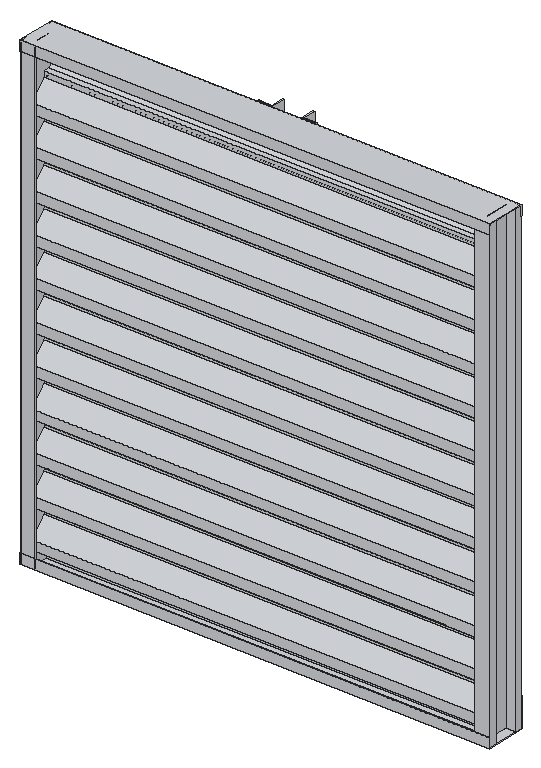
Revit family "SAFL-4", category Mechanical Equipment, Revit 2015
Parameters
  URL = "https://unitedenertech.com/catalog/pdf/A_27%20SAFL-4.pdf"
  Type Comments = "Max. Single Section Size is (48\"w x 72\"h)"
  Model = "SAFL-4"
  Manufacturer = "United Enertech Corporation"
  Exact Width = 4' - 0"
  Exact Height = 4' - 0"
  Description = "4\" Adjustable Steel Louver"
  Depth = 0' - 4.0956"
  Blade Spacing [instance] = 0' - 4"
  Blade Number [instance] = (Exact Height - 0' 4 1/2") / Blade Spacing  # 11
  BW [instance] = Exact Width - 0' 2 3/32" - 0' 0 1/8"  # 3' - 9 25/32"
Reference planes (in)
  plane 1 "Center (Front/Back)": y = 0
  plane 2: z = 0
  plane 3 "Center (Left/Right)": x = 0
  plane 4: z = 24
  plane 5: z = 48
  plane 6: x = -24
  plane 7: x = 24
  plane 8: y = -4.0956
  plane 9: z = 0.0478
  plane 10: z = 47.9522
  plane 11: y = -0.0478
  plane 12: y = -4.0478
  plane 13: y = -4
  plane 14: z = 47.4522
  plane 15: x = -3
  plane 16: x = 3
  plane 17: z = 46.13561
  plane 18: z = 3
  plane 19: z = 46.90464
  plane 20: x = 23
  plane 21: x = -23
Forms (in)
  Extrusion 1, solid
    sketch origin (34.90286, -55.01531, -11.50264) x (0, 1, 0) y (0, 0, 1)
      loop
        line (50.96751, 12.50264) -> (50.91971, 12.50264) -> (50.91971, 11.50264) -> (55.01531, 11.50264) -> (55.01531, 14.50264) -> (54.96751, 14.50264) -> (54.96751, 11.55044) -> (50.96751, 11.55044) -> (50.96751, 12.50264)
    from -58.90286 to -10.90286
  Extrusion 2, solid
    sketch origin (3, -48.37133, 17.64653) x (0, 1, 0) y (0, 0, 1)
      loop
        line (44.27573, 29.35347) -> (44.32353, 29.35347) -> (44.32353, 30.30567) -> (48.32353, 30.30567) -> (48.32353, 29.35347) -> (48.37133, 29.35347) -> (48.37133, 30.35347) -> (44.27573, 30.35347) -> (44.27573, 29.35347)
    from -27 to 21
  Extrusion 3, solid
    sketch origin (-56.98911, -20.29061, 0) x (1, 0, 0) y (0, 1, 0)
      loop
        line (34.48911, 20.19501) -> (34.48911, 20.24281) -> (32.98911, 20.24281) -> (32.98911, 19.49281) -> (33.98911, 19.49281) -> (33.98911, 16.99281) -> (32.98911, 16.99281) -> (32.98911, 16.24281) -> (34.48911, 16.24281) -> (34.48911, 16.29061) -> (33.03691, 16.29061) -> (33.03691, 16.94501) -> (34.03691, 16.94501) -> (34.03691, 19.54061) -> (33.03691, 19.54061) -> (33.03691, 20.19501) -> (34.48911, 20.19501)
    from 0.0478 to 47.9522
  Extrusion 4, solid
    sketch origin (56.98911, -20.29061, 0) x (-1, 0, 0) y (0, -1, 0)
      loop
        line (34.48911, -20.19501) -> (33.03691, -20.19501) -> (33.03691, -19.54061) -> (34.03691, -19.54061) -> (34.03691, -16.94501) -> (33.03691, -16.94501) -> (33.03691, -16.29061) -> (34.48911, -16.29061) -> (34.48911, -16.24281) -> (32.98911, -16.24281) -> (32.98911, -16.99281) -> (33.98911, -16.99281) -> (33.98911, -19.49281) -> (32.98911, -19.49281) -> (32.98911, -20.24281) -> (34.48911, -20.24281) -> (34.48911, -20.19501)
    from 0.0478 to 47.9522
  Extrusion 5, solid
    sketch origin (0, 0, 0) x (1, 0, 0) y (0, 1, 0)
      loop
        line (-3, 0) -> (-1.5, 0) -> (-1.5, 1.5) -> (-1.625, 1.5) -> (-1.625, 0.125) -> (-3, 0.125) -> (-3, 0)
    from 0 to 48
  Extrusion 6, solid
    sketch origin (0, 0, 0) x (-1, 0, 0) y (0, -1, 0)
      loop
        line (-3, 0) -> (-3, -0.125) -> (-1.625, -0.125) -> (-1.625, -1.5) -> (-1.5, -1.5) -> (-1.5, 0) -> (-3, 0)
    from 0 to 48
  Extrusion 7, solid
    sketch origin (0, 0, 0) x (1, 0, 0) y (0, 1, 0)
      loop
        circle (0, 0.6381) r 0.17048
    from 3 to 46.90464
  Extrusion 8, solid
    sketch origin (0, 0, 0) x (0, 1, 0) y (0, 0, 1)
      loop
        line (-2.0478, 0.0478) -> (-0.5478, 0.0478) -> (-0.5478, 0.1728) -> (-1.9228, 0.1728) -> (-1.9228, 1.5478) -> (-2.0478, 1.5478) -> (-2.0478, 0.0478)
    from -23 to 23
Dimensions and locks (in)
  equal spacing: plane 5, plane 4, level
  "Exact Height": plane 5 to level
  equal spacing: plane 6, plane 3 "Center (Left/Right)", plane 7
  "Exact Width": plane 6 to plane 7
  "Depth": plane 1 "Center (Front/Back)" to plane 8
  locked: plane 9 to level at 0.0478
  locked: plane 5 to plane 10 at 0.0478
  locked: plane 12 to plane 8 at 0.0478
  locked: plane 1 "Center (Front/Back)" to plane 11 at 0.0478
  locked: plane 13 to plane 8 at 0.0956
  locked: plane 5 to plane 14 at 0.5478
  equal spacing: group 1, group 2, group 3, group 4, group 5, group 6, group 7, group 8, group 17, group 18, group 19  (x2)
  equal spacing: group 19, group 18, group 17, group 8, group 7, group 6, group 5, group 4, group 3, group 2, group 1
  "Blade Spacing": nested 1 to nested 2
  equal spacing: plane 15, plane 3 "Center (Left/Right)", plane 16
  locked: plane 15 to plane 16 at 6
  locked: plane 5 to plane 17 at 1.86439
  equal spacing: group 9, group 10, group 11, group 12, group 13, group 14, group 15, group 16, group 20, group 21, group 22  (x2)
  equal spacing: group 22, group 21, group 20, group 16, group 15, group 14, group 13, group 12, group 11, group 10, group 9
  "Blade Spacing": nested 9 to nested 10
  locked: plane 5 to plane 19 at 1.09536
  locked: level to plane 18 at 3
  locked: plane 20 to plane 7 at 1
  locked: plane 6 to plane 21 at 1
  aligned and locked: level to plane 2
  aligned and locked: plane 6 to Extrusion 1
  aligned and locked: plane 7 to Extrusion 1
  aligned and locked: plane 5 to Extrusion 2
  aligned and locked: plane 6 to Extrusion 2
  aligned and locked: plane 7 to Extrusion 2
  aligned and locked: plane 6 to Extrusion 3
  aligned and locked: plane 7 to Extrusion 4
  aligned and locked: Extrusion 4 to plane 9
  aligned and locked: Extrusion 3 to plane 9
  aligned and locked: plane 10 to Extrusion 3
  aligned and locked: plane 10 to Extrusion 4
  aligned and locked: plane 3 "Center (Left/Right)" to nested 1
  aligned and locked: plane 14 to nested 1
  aligned and locked: nested 1 to plane 13
  aligned and locked: Extrusion 5 to level
  aligned and locked: Extrusion 6 to level
  aligned and locked: plane 5 to Extrusion 5
  aligned and locked: plane 5 to Extrusion 6
  aligned and locked: nested 9 to plane 17
  aligned and locked: Extrusion 7 to Extrusion 1
  aligned and locked: plane 19 to Extrusion 7
  aligned and locked: plane 21 to Extrusion 8
  aligned and locked: plane 20 to Extrusion 8
Automatic sketch dimensions
  Extrusion 1 sketch curve to plane 8 = 0' - 0"
  Extrusion 1 sketch curve to plane 12 = 0' - 0"
  plane 9 to Extrusion 1 sketch curve = 0' - 0"
  Extrusion 1 sketch curve to plane 11 = 0' - 0"
  Extrusion 1 sketch curve to level = 0' - 0"
  Extrusion 1 sketch curve to plane 1 "Center (Front/Back)" = 0' - 0"
  plane 9 to Extrusion 1 sketch curve = 0' - 0.9522"
  plane 9 to Extrusion 1 sketch curve = 0' - 2.9522"
  Extrusion 2 sketch curve to plane 5 = 0' - 0"
  Extrusion 2 sketch curve to plane 8 = 0' - 0"
  Extrusion 2 sketch curve to plane 10 = 0' - 0"
  Extrusion 2 sketch curve to plane 12 = 0' - 0"
  Extrusion 2 sketch curve to plane 11 = 0' - 0"
  Extrusion 2 sketch curve to plane 1 "Center (Front/Back)" = 0' - 0"
  Extrusion 2 sketch curve to plane 14 = 0' - 0.4522"  (x2)
  Extrusion 3 sketch curve to plane 6 = 0' - 0"  (x2)
  Extrusion 3 sketch curve to plane 13 = 0' - 0"
  Extrusion 3 sketch curve to plane 12 = 0' - 0"
  Extrusion 3 sketch curve to plane 11 = 0' - 0"
  Extrusion 3 sketch curve to plane 6 = 0' - 0.0478"  (x2)
  Extrusion 3 sketch curve to Extrusion 3 sketch curve = 0' - 0.9522"
  Extrusion 3 sketch curve to Extrusion 3 sketch curve = 0' - 0.0478"  (x3)
  Extrusion 3 sketch curve to Extrusion 3 sketch curve = 0' - 0.4522"  (x2)
  Extrusion 3 sketch curve to plane 11 = 0' - 0.0478"
  plane 13 to Extrusion 3 sketch curve = 0' - 0.6544"
  Extrusion 3 sketch curve to plane 11 = 0' - 0 3/4"
  Extrusion 4 sketch curve to plane 7 = 0' - 0"  (x2)
  Extrusion 4 sketch curve to plane 13 = 0' - 0"
  Extrusion 4 sketch curve to plane 12 = 0' - 0"
  Extrusion 4 sketch curve to plane 11 = 0' - 0"
  plane 7 to Extrusion 4 sketch curve = 0' - 0.0478"  (x2)
  Extrusion 4 sketch curve to Extrusion 4 sketch curve = 0' - 0.9522"
  Extrusion 4 sketch curve to Extrusion 4 sketch curve = 0' - 0.0478"  (x3)
  Extrusion 4 sketch curve to Extrusion 4 sketch curve = 0' - 0.4522"  (x2)
  plane 11 to Extrusion 4 sketch curve = 0' - 0.0478"
  Extrusion 4 sketch curve to Extrusion 4 sketch curve = 0' - 0.6544"
  plane 11 to Extrusion 4 sketch curve = 0' - 0 3/4"
  plane 1 "Center (Front/Back)" to Extrusion 5 sketch curve = 0' - 0"
  Extrusion 5 sketch curve to plane 15 = 0' - 0"
  plane 15 to Extrusion 5 sketch curve = 0' - 1 3/8"
  Extrusion 5 sketch curve to Extrusion 5 sketch curve = 0' - 0 1/8"  (x2)
  Extrusion 5 sketch curve to Extrusion 5 sketch curve = 0' - 1 3/8"
  plane 1 "Center (Front/Back)" to Extrusion 6 sketch curve = 0' - 0"
  Extrusion 6 sketch curve to plane 16 = 0' - 0"
  Extrusion 6 sketch curve to plane 16 = 0' - 1 3/8"
  Extrusion 6 sketch curve to Extrusion 6 sketch curve = 0' - 0 1/8"  (x2)
  Extrusion 6 sketch curve to Extrusion 6 sketch curve = 0' - 1 3/8"
  Extrusion 7 sketch curve to plane 3 "Center (Left/Right)" = 0' - 0"
  Extrusion 7 sketch curve to plane 1 "Center (Front/Back)" = 0' - 0.6381"
  Extrusion 8 sketch curve to plane 9 = 0' - 0"
  plane 13 to Extrusion 8 sketch curve = 0' - 1.9522"
  Extrusion 8 sketch curve to Extrusion 8 sketch curve = 0' - 0 1/8"
  plane 9 to Extrusion 8 sketch curve = 0' - 0 1/8"
  Extrusion 8 sketch curve to plane 11 = 0' - 0 1/2"
  Extrusion 8 sketch curve to Extrusion 8 sketch curve = 0' - 1 3/8"
  radius of Extrusion 7 sketch curve = 0' - 0.17048"
Nested families (in)
  nested 1: "SAFLBlade" at (0, 1.55178, 40.5341), type "SAFLBlade"
    with BW 3' - 9 25/32"
  nested 2: "SAFLBlade" at (0, 1.55178, 36.5341), type "SAFLBlade"
    with BW 3' - 9 25/32"
  nested 3: "SAFLBlade" at (0, 1.55178, 32.5341), type "SAFLBlade"
    with BW 3' - 9 25/32"
  nested 4: "SAFLBlade" at (0, 1.55178, 28.5341), type "SAFLBlade"
    with BW 3' - 9 25/32"
  nested 5: "SAFLBlade" at (0, 1.55178, 24.5341), type "SAFLBlade"
    with BW 3' - 9 25/32"
  nested 6: "SAFLBlade" at (0, 1.55178, 20.5341), type "SAFLBlade"
    with BW 3' - 9 25/32"
  nested 7: "SAFLBlade" at (0, 1.55178, 16.5341), type "SAFLBlade"
    with BW 3' - 9 25/32"
  nested 8: "SAFLBlade" at (0, 1.55178, 12.5341), type "SAFLBlade"
    with BW 3' - 9 25/32"
  nested 9: "AFLBRACK" at (2.67149, -1.35707, 45.15922) x (1, 0, 0) z (0, 0.7193, -0.6947), type "AFLBRACK"
  nested 10: "AFLBRACK" at (2.67149, -1.35707, 41.15922) x (1, 0, 0) z (0, 0.7193, -0.6947), type "AFLBRACK"
  nested 11: "AFLBRACK" at (2.67149, -1.35707, 37.15922) x (1, 0, 0) z (0, 0.7193, -0.6947), type "AFLBRACK"
  nested 12: "AFLBRACK" at (2.67149, -1.35707, 33.15922) x (1, 0, 0) z (0, 0.7193, -0.6947), type "AFLBRACK"
  nested 13: "AFLBRACK" at (2.67149, -1.35707, 29.15922) x (1, 0, 0) z (0, 0.7193, -0.6947), type "AFLBRACK"
  nested 14: "AFLBRACK" at (2.67149, -1.35707, 25.15922) x (1, 0, 0) z (0, 0.7193, -0.6947), type "AFLBRACK"
  nested 15: "AFLBRACK" at (2.67149, -1.35707, 21.15922) x (1, 0, 0) z (0, 0.7193, -0.6947), type "AFLBRACK"
  nested 16: "AFLBRACK" at (2.67149, -1.35707, 17.15922) x (1, 0, 0) z (0, 0.7193, -0.6947), type "AFLBRACK"
  nested 17: "SAFLBlade" at (0, 1.55178, 8.5341), type "SAFLBlade"
    with BW 3' - 9 25/32"
  nested 18: "SAFLBlade" at (0, 1.55178, 4.5341), type "SAFLBlade"
    with BW 3' - 9 25/32"
  nested 19: "SAFLBlade" at (0, 1.55178, 0.5341), type "SAFLBlade"
    with BW 3' - 9 25/32"
  nested 20: "AFLBRACK" at (2.67149, -1.35707, 13.15922) x (1, 0, 0) z (0, 0.7193, -0.6947), type "AFLBRACK"
  nested 21: "AFLBRACK" at (2.67149, -1.35707, 9.15922) x (1, 0, 0) z (0, 0.7193, -0.6947), type "AFLBRACK"
  nested 22: "AFLBRACK" at (2.67149, -1.35707, 5.15922) x (1, 0, 0) z (0, 0.7193, -0.6947), type "AFLBRACK"
Definition of nested family "SAFLBlade"
  Parameters (values of type "SAFLBlade")
    BW = 3' - 0"
  Reference planes (in)
    plane 1 "Center (Front/Back)": y = 0
    plane 2: z = 0
    plane 3 "Center (Left/Right)": x = 0
    plane 4: x = -18
    plane 5: x = 18
  Forms (in)
    Extrusion 1, solid
      sketch origin (0, -0.3863, 0) x (0, 1, 0) y (0, 0, 1)
        loop
          line (-1.64048, 6.9181) -> (-1.64048, 6.8703) -> (-1.31328, 6.8703) -> (-1.31328, 5.9379) -> (-2.93678, 4.3144) -> (-3.56178, 4.3144) -> (-3.56178, 3.6894) -> (-5.16548, 2.0857) -> (-5.16548, 1.0857) -> (-4.79048, 1.0857) -> (-4.79048, 1.1335) -> (-5.11768, 1.1335) -> (-5.11768, 2.0659) -> (-3.51398, 3.6696) -> (-3.51398, 4.2666) -> (-2.91698, 4.2666) -> (-1.26548, 5.9181) -> (-1.26548, 6.9181) -> (-1.64048, 6.9181)
      from -18 to 18
    Extrusion 2, solid
      sketch origin (0, -0.3863, 0) x (0, 1, 0) y (0, 0, 1)
        loop
          circle (-3.21548, 3.9681) r 0.25
      from -18 to 18
  Dimensions and locks (in)
    equal spacing: plane 5, plane 3 "Center (Left/Right)", plane 4
    "BW": plane 5 to plane 4
    aligned and locked: level to plane 2
    aligned and locked: plane 5 to Extrusion 1
    aligned and locked: Extrusion 1 to plane 4
    aligned and locked: Extrusion 2 to plane 4
    aligned and locked: plane 5 to Extrusion 2
  Automatic sketch dimensions
    level to Extrusion 1 sketch curve = 0' - 2.0857"
    plane 1 "Center (Front/Back)" to Extrusion 1 sketch curve = 0' - 5.55178"
    Extrusion 1 sketch curve to Extrusion 1 sketch curve = 0' - 0.0478"  (x6)
    Extrusion 1 sketch curve to Extrusion 1 sketch curve = 0' - 0.3272"  (x2)
    Extrusion 1 sketch curve to Extrusion 1 sketch curve = 0' - 1.5559"
    Extrusion 1 sketch curve to Extrusion 1 sketch curve = 0' - 0.5772"
    Extrusion 1 sketch curve to Extrusion 1 sketch curve = 0' - 0.0198"  (x4)
    plane 1 "Center (Front/Back)" to Extrusion 1 sketch curve = 0' - 2.02678"
    Extrusion 1 sketch curve to Extrusion 1 sketch curve = 0' - 0.9324"  (x2)
    Extrusion 1 sketch curve to Extrusion 1 sketch curve = 0' - 1.6037"  (x2)
    Extrusion 1 sketch curve to Extrusion 1 sketch curve = 0' - 0.597"
    plane 1 "Center (Front/Back)" to Extrusion 2 sketch curve = 0' - 3.60178"
    level to Extrusion 2 sketch curve = 0' - 3.9681"
    radius of Extrusion 2 sketch curve = 0' - 0 1/4"
Definition of nested family "AFLBRACK"
  Reference planes (in)
    plane 1 "Center (Front/Back)": y = 0
    plane 2: z = 0
    plane 3 "Center (Left/Right)": x = 0
  Forms (in)
    Extrusion 1, solid
      sketch origin (-2.68978, 0, 0) x (1, 0, 0) y (0, 1, 0)
        loop
          line (-0.87301, 0.90078) -> (-0.86465, 0.86958) -> (-0.8419, 0.84683) -> (-0.8093, 0.83809) -> (-0.779, 0.84621) -> (-0.75683, 0.86838) -> (-0.74808, 0.90104) -> (-0.77994, 0.95397) -> (-0.81168, 0.96248) -> (-0.8425, 0.95422) -> (-0.86483, 0.93188) -> (-0.87301, 0.90078)
        loop
          line (-0.93538, 0.9154) -> (-0.93206, 0.86544) -> (-0.64736, 0.48722) -> (-0.58911, 0.45359) -> (-0.52742, 0.45359) -> (-0.46383, 0.48167) -> (-0.23166, 0.68275) -> (0.26824, 0.68275) -> (0.50644, 0.47916) -> (0.55228, 0.45269) -> (0.60696, 0.44805) -> (0.65295, 0.46335) -> (0.70069, 0.51109) -> (0.94703, 0.8246) -> (0.96905, 0.87284) -> (0.96905, 0.92278) -> (0.94661, 0.97737) -> (0.90851, 1.01547) -> (0.38693, 1.41977) -> (0.34918, 1.44157) -> (0.30813, 1.44599) -> (-0.27279, 1.44599) -> (-0.31429, 1.44029) -> (-0.34963, 1.41988) -> (-0.8889, 0.99856) -> (-0.91859, 0.96157) -> (-0.93538, 0.9154)
        loop
          line (0.84768, 0.83809) -> (0.87798, 0.84621) -> (0.90014, 0.86838) -> (0.90014, 0.93086) -> (0.87703, 0.95397) -> (0.84529, 0.96248) -> (0.81448, 0.95422) -> (0.79214, 0.93188) -> (0.78396, 0.90078) -> (0.79232, 0.86958) -> (0.81508, 0.84683) -> (0.84768, 0.83809)
      from 0 to 0.05
    Extrusion 2, solid
      sketch origin (-2.46819, 0, 2.56842) x (0, 0, -1) y (0, 1, 0)
        loop
          line (2.51842, 0.68327) -> (2.51842, 1.44594) -> (2.51176, 1.51478) -> (2.48916, 1.57964) -> (2.45293, 1.63829) -> (2.40233, 1.68888) -> (2.34486, 1.72864) -> (2.27938, 1.75164) -> (2.20777, 1.75915) -> (2.13925, 1.75208) -> (2.0744, 1.72832) -> (2.01055, 1.69145) -> (1.9628, 1.63668) -> (1.93051, 1.59239) -> (1.90399, 1.52215) -> (1.8947, 1.44597) -> (1.9075, 1.36441) -> (1.93504, 1.29244) -> (1.97741, 1.23669) -> (2.51842, 0.68327)
        loop
          line (2.41231, 1.4628) -> (2.40418, 1.50788) -> (2.3851, 1.55473) -> (2.35036, 1.5984) -> (2.30889, 1.63032) -> (2.27559, 1.64577) -> (2.24019, 1.65526) -> (2.19928, 1.65862) -> (2.14577, 1.65218) -> (2.1015, 1.63538) -> (2.05219, 1.60094) -> (2.01547, 1.55605) -> (1.99249, 1.50441) -> (1.9852, 1.44645) -> (1.99277, 1.39034) -> (2.01379, 1.3377) -> (2.04799, 1.29226) -> (2.09253, 1.25839) -> (2.14269, 1.23795) -> (2.19928, 1.23067) -> (2.25419, 1.23779) -> (2.31337, 1.26524) -> (2.36192, 1.30922) -> (2.3931, 1.35849) -> (2.40864, 1.40578) -> (2.41231, 1.4628)
      from 0 to 0.05
    Extrusion 3, solid
      sketch origin (-2.87479, 0, 2.56842) x (0, 0, -1) y (0, -1, 0)
        loop
          line (2.51842, -0.68327) -> (1.97741, -1.23669) -> (1.93504, -1.29244) -> (1.9075, -1.36441) -> (1.8947, -1.44597) -> (1.90399, -1.52215) -> (1.93051, -1.59239) -> (1.9628, -1.63668) -> (2.01055, -1.69145) -> (2.0744, -1.72832) -> (2.13925, -1.75208) -> (2.20777, -1.75915) -> (2.27938, -1.75164) -> (2.34486, -1.72864) -> (2.40233, -1.68888) -> (2.45293, -1.63829) -> (2.48916, -1.57964) -> (2.51176, -1.51478) -> (2.51842, -1.44594) -> (2.51842, -0.68327)
        loop
          line (2.41231, -1.4628) -> (2.40864, -1.40578) -> (2.3931, -1.35849) -> (2.36192, -1.30922) -> (2.31337, -1.26524) -> (2.25419, -1.23779) -> (2.19928, -1.23067) -> (2.14269, -1.23795) -> (2.09253, -1.25839) -> (2.04799, -1.29226) -> (2.01379, -1.3377) -> (1.99277, -1.39034) -> (1.9852, -1.44645) -> (1.99249, -1.50441) -> (2.01547, -1.55605) -> (2.05219, -1.60094) -> (2.1015, -1.63538) -> (2.14577, -1.65218) -> (2.19928, -1.65862) -> (2.24019, -1.65526) -> (2.27559, -1.64577) -> (2.30889, -1.63032) -> (2.35036, -1.5984) -> (2.3851, -1.55473) -> (2.40418, -1.50788) -> (2.41231, -1.4628)
      from 0 to 0.05
    Extrusion 4, solid
      sketch origin (0, 0, 0) x (0, 1, 0) y (0, 0, 1)
        loop
          circle (1.44593, 0.36759) r 0.25
      from -2.89968 to -2.44346
    Extrusion 5, solid
      sketch origin (0, 0.21736, 1.14039) x (1, 0, 0) y (0, 0.71934, -0.694658)
        loop
          circle (-2.67211, 1.44599) r 0.13823
      from 0.36066 to 1.36337
    Extrusion 6, solid
      sketch origin (0, 0.21736, 1.14039) x (1, 0, 0) y (0, 0.694658, 0.71934)
        loop
          circle (-2.67801, 1.03548) r 0.25
      from -1.61222 to -1.27315
  Dimensions and locks (in)
    aligned and locked: level to plane 2
